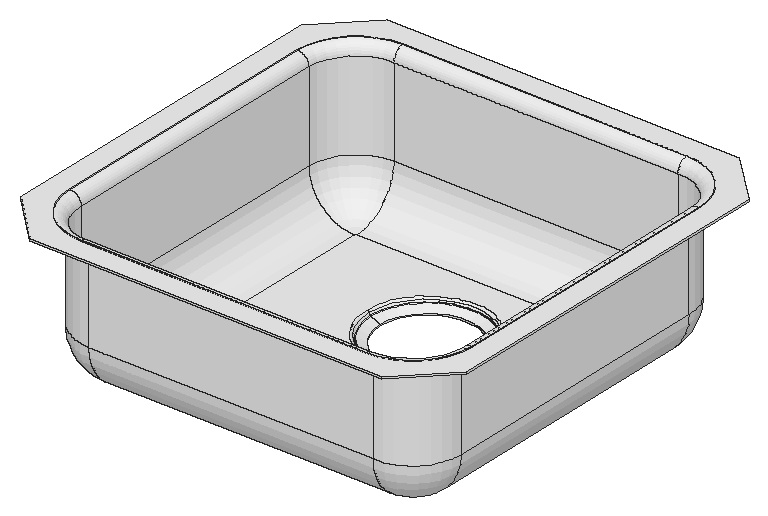
Revit family "ELUHAD141455", category Plumbing Fixtures, Revit 2019
Family settings
  Round Connector Dimension = Use Radius
  Part Type = Normal
  OmniClass Number = 23.45.05.14.14.27
  OmniClass Title = Service Sinks
  Work Plane-Based = No
  Always vertical = Yes
  Cut with Voids When Loaded = No
  Shared = No
  Room Calculation Point = No
Parameters (values of type "ELUHAD141455")
  URL = "www.elkayusa.com"
  Template Included = "Yes"
  Specification Sheet URL = ""
  Sound Deadening = "Bottom only pads"
  Sink Width = 1' - 4 1/2"
  Sink Material = Metal - Steel - Stainless - Chrome
  Sink Length = 1' - 4 1/2"
  Sink Ledge Sides Width = Sink Ledge Corner Width  # 0' - 1 1/4"
  Sink Ledge Front Width = Sink Ledge Corner Width  # 0' - 1 1/4"
  Sink Ledge Corner Width = 0' - 1 1/4"  # constant formula
  Sink Ledge Back Width = Sink Ledge Corner Width  # 0' - 1 1/4"
  Sink Dimensions = "16 1/2 inch x 16-1/2 inch x 5-3/8 inch"
  Sink Depth = 0' - 5 3/8"
  Sanitary Flow Rate = 10 GPM
  OmniClass Title = "Service Sinks"
  OmniClass Code = "23.45.05.14.14.27"
  Number of Bowls = "1"
  Nominal Radius = Nominal Dia / 2  # 0' - 0 3/4"
  Nominal Dia = 0' - 1 1/2"
  Mounting Hardware = "Undermount brackets sold separately"
  Model Number = ""
  Model = "Lustertone Undermount"
  Minimum Cabinet Size = "21 inch"
  Material = "304 Stainless Steel"
  MasterFormat Title = "Commercial Sinks"
  MasterFormat Number = "22.42.16.16"
  Manufacturer = "Elkay Manufacturing"
  Installation Type = "Undermount"
  Gauge = "18"
  Finish = "Lustrous Satin"
  Drain Size = "3-1/2 inch (89mm)"
  Drain Locations = "Rear Center"
  Drain Location = 0' - 5"
  Description = "Lustertone Single Bowl Sink"
  Deep Specification Sheet URL = ""
  Date Created = "10082021"  # constant formula
  Cutout Template # = "1000001265"
  CL Sink to CL Drain = 0' - 0"
  Bowl Width = (Sink Width - Sink Ledge Front Width - Sink Ledge Back Width)  # 1' - 2"
  Bowl Length = Sink Length - Sink Ledge Sides Width - Sink Ledge Sides Width  # 1' - 2"
  Bowl 1 Dimensions = "14 inch x 14 inch x 5-3/8 inch"
  Assembly Code = "D2010410"
Reference planes (in)
  plane 1 "CL Sink Hole": y = 2
  plane 2 "Top": z = 0
  plane 3 "Center (Left/Right)": x = 0
  plane 4 "Basin Edge Left": x = -7
  plane 5 "Basin Edge Right": x = 7
  plane 6 "Basin Edge Back": y = 7
  plane 7 "Basin Edge Front": y = -7
  plane 8 "Left": x = -8.25
  plane 9 "Right": x = 8.25
  plane 10 "Back": y = 8.25
  plane 11 "Front": y = -8.25
  plane 12 "Sink Angle Right": x = 5.78553
  plane 13 "Sink Angle Back": y = 5.78553
  plane 14 "Sink Angle Left": x = -5.78553
  plane 15 "Sink Angle Front": y = -5.78553
  plane 16 "Edge Radii Right": x = 7.42188
  plane 17 "Edge of Radii Left": x = -7.42187
  plane 18 "Sink Bowl Bottom (Top Face)": z = -5.375
  plane 19 "Sink Top Piece Bottom Face": z = -0.0625
  plane 20 "Top Radius Corner Prot": z = -0.42188
  plane 21: z = -3.6875
  plane 22 "Sink Bowl Bottom (Bottom Face)": z = -5.4375
  plane 23 "Left Sink Bottom Piece Left Edge": x = -5.3125
  plane 24 "Sink Bottom Piece Right Edge": x = 5.3125
  plane 25 "Sink Bottom Piece Back Edge": y = 5.3125
  plane 26 "Sink Bottom Piece Front Edge": y = -5.3125
  plane 27 "Center (Front/Back)": y = 0
  plane 28 "Bowl CL Drain": x = 0
  plane 29 "Edge Radii Front": y = -7.42188
  plane 30 "Right Sink Right Edge Radius": x = 5.25
  plane 31 "Front Edge Bottom Edge Radius": y = -5.25
  plane 32 "Back Edge Bottom Edge Radius": y = 5.25
  plane 33 "Edge Radii Back": y = 7.42187
  plane 34 "Left Bowl Bottom Edge Radius": x = -5.25
  plane 35 "Masking Region": z = 1.25157
  plane 36 "Sink Drain Elev Bottom": z = -6.875
  plane 37 "Sink Drain Elev Top": z = -6.625
  plane 38 "Top Radius Elev - 1-8": z = -0.10938
  plane 39 "Top Radius 1-8 Front": y = -7.10938
  plane 40 "Top Radius 1-8 Left": x = -7.10937
  plane 41 "Top Radius 1-8 Right": x = 7.10938
  plane 42 "Top Radius 1-8 Back": y = 7.10937
  plane 43 "Inside Radius Tangent Right": x = 5.97487
  plane 44 "Inside Radius Tangent Back": y = 5.97487
  plane 45 "Inside Radius Tangent Front": y = -5.97487
  plane 46 "Inside Radius Tangent Left": x = -5.97487
Forms (in)
  Extrusion 1, solid, material "Metal - Steel - Stainless - Chrome" <- "Sink Material"
    sketch origin (0, 0, 0) x (1, 0, 0) y (0, 1, 0)
      loop
        line (8.25, 6.49264) -> (6.49264, 8.25) -> (-6.49264, 8.25) -> (-8.25, 6.49264) -> (-8.25, -6.49264) -> (-6.49264, -8.25) -> (6.49264, -8.25) -> (8.25, -6.49264) -> (8.25, 6.49264)
      loop
        arc (-5.25, 7.42187) -> (-6.78575, 6.78575) -> (-7.42187, 5.25) r 2.17187
        line (-7.42187, 5.25) -> (-7.42188, -5.25)
        arc (-7.42188, -5.25) -> (-6.78575, -6.78575) -> (-5.25, -7.42188) r 2.17188
        line (-5.25, -7.42188) -> (5.25, -7.42188)
        arc (5.25, -7.42188) -> (6.78575, -6.78575) -> (7.42188, -5.25) r 2.17188
        line (7.42188, -5.25) -> (7.42188, 5.25)
        arc (7.42188, 5.25) -> (6.78575, 6.78575) -> (5.25, 7.42187) r 2.17188
        line (5.25, 7.42187) -> (-5.25, 7.42187)
    from -0.0625 to 0
  Extrusion 2, solid, material "Metal - Steel - Stainless - Chrome" <- "Sink Material"
    sketch origin (0, 0, 0) x (1, 0, 0) y (0, 1, 0)
      loop
        arc (-5.25, 5.3125) -> (-5.29419, 5.29419) -> (-5.3125, 5.25) r 0.0625
        line (-5.3125, 5.25) -> (-5.3125, -5.25)
        arc (-5.3125, -5.25) -> (-5.29419, -5.29419) -> (-5.25, -5.3125) r 0.0625
        line (-5.25, -5.3125) -> (5.25, -5.3125)
        arc (5.25, -5.3125) -> (5.29419, -5.29419) -> (5.3125, -5.25) r 0.0625
        line (5.3125, -5.25) -> (5.3125, 5.25)
        arc (5.3125, 5.25) -> (5.29419, 5.29419) -> (5.25, 5.3125) r 0.0625
        line (5.25, 5.3125) -> (-5.25, 5.3125)
      loop
        circle (0, 2) r 2.25
    from -5.4375 to -5.375
  Sweep 3, solid, material "Metal - Steel - Stainless - Chrome" <- "Sink Material"
    path origin (14.75, 0, -5.375) x (-1, 0, 0) y (0, -1, 0)
      loop
        circle (14.75, -2) r 2.25
    profile "profile-elkay-sink-hole-3 : profile-elkay-sink-hole-3" origin (0, -0.25, -5.375) x (0, 1, 0) y (0, 0, 1)
      loop
        line (0.5, -0.29111) -> (0.15646, -0.13437)
        arc (0.15646, -0.13437) -> (0.14249, -0.12559) -> (0.13131, -0.11346) r 0.0625
        line (0.13131, -0.11346) -> (0.08817, -0.05226)
        arc (0.08817, -0.05226) -> (0.05064, -0.01507) -> (0, 0) r 0.1086
        line (0, 0) -> (0, -0.04618)
        arc (0, -0.04618) -> (0.02621, -0.05419) -> (0.04646, -0.07265) r 0.0625
        line (0.04646, -0.07265) -> (0.09341, -0.13969)
        arc (0.09341, -0.13969) -> (0.11294, -0.16097) -> (0.13739, -0.17634) r 0.1086
        line (0.13739, -0.17634) -> (0.5, -0.34178) -> (0.5, -0.29111)
  Sweep 4, solid, material "Metal - Steel - Stainless - Chrome" <- "Sink Material"
    path origin (0, 0, 0) x (1, 0, 0) y (0, 1, 0)
      loop
        line (-5.25, -7) -> (5.25, -7)
        arc (5.25, -7) -> (6.48744, -6.48744) -> (7, -5.25) r 1.75
        line (7, -5.25) -> (7, 5.25)
        arc (7, 5.25) -> (6.48744, 6.48744) -> (5.25, 7) r 1.75
        line (5.25, 7) -> (-5.25, 7)
        arc (-5.25, 7) -> (-6.48744, 6.48744) -> (-7, 5.25) r 1.75
        line (-7, 5.25) -> (-7, -5.25)
        arc (-7, -5.25) -> (-6.48744, -6.48744) -> (-5.25, -7) r 1.75
    profile origin (0, -7, 0) x (0, 1, 0) y (0, 0, 1)
      loop
        arc (0, -0.42187) -> (-0.12356, -0.12356) -> (-0.42187, 0) r 0.42188
        line (-0.42187, 0) -> (-0.42187, -0.0625)
        arc (-0.42187, -0.0625) -> (-0.16776, -0.16776) -> (-0.0625, -0.42187) r 0.35938
        line (-0.0625, -0.42187) -> (-0.0625, -3.6875)
        arc (-0.0625, -3.6875) -> (0.45006, -4.92494) -> (1.6875, -5.4375) r 1.75
        line (1.6875, -5.4375) -> (1.6875, -5.375)
        arc (1.6875, -5.375) -> (0.49426, -4.88074) -> (0, -3.6875) r 1.6875
        line (0, -3.6875) -> (0, -0.42187)
  Extrusion 5, solid, material "Glass", not visible
    sketch origin (0, 0, -6.625) x (0, -1, 0) y (1, 0, 0)
      loop
        circle (-2, 0) r 0.75
    from -0.25 to 0
Cuts and joins
  joined: Extrusion 2, Sweep 3, Sweep 4
Lines and regions (in)
  Masking region 1
    outline origin (0, 0, 0) x (1, 0, 0) y (0, 1, 0)
      loop
        line (-7.42187, 5.25) -> (-7.42188, -5.25)
        arc (-7.42188, -5.25) -> (-6.78575, -6.78575) -> (-5.25, -7.42188) r 2.17188
        line (-5.25, -7.42188) -> (5.25, -7.42188)
        arc (5.25, -7.42188) -> (6.78575, -6.78575) -> (7.42188, -5.25) r 2.17188
        line (7.42188, -5.25) -> (7.42188, 5.25)
        arc (7.42188, 5.25) -> (6.78575, 6.78575) -> (5.25, 7.42187) r 2.17188
        line (5.25, 7.42187) -> (-5.25, 7.42187)
        arc (-5.25, 7.42187) -> (-6.78575, 6.78575) -> (-7.42187, 5.25) r 2.17187
  reference lines, not visible
    curve 1: arc (-0.625, 2, -3.6875) -> (-1.11926, 2, -4.88074) -> (-2.3125, 2, -5.375) r 1.6875
    curve 2: arc (-7, 2, -3.6875) -> (-6.50574, 2, -4.88074) -> (-5.3125, 2, -5.375) r 1.6875
    curve 3: arc (-0.625, 2, -0.42188) -> (-0.50144, 2, -0.12356) -> (-0.20313, 2, 0) r 0.42188
    curve 4: arc (0, -5.3125, -5.375) -> (0, -6.50574, -4.88074) -> (0, -7, -3.6875) r 1.6875
    curve 5: arc (0, -7, -0.42188) -> (0, -7.12356, -0.12356) -> (0, -7.42188, 0) r 0.42188
    curve 6: arc (5.3125, 5.25, 0) -> (5.29419, 5.29419, 0) -> (5.25, 5.3125, 0) r 0.0625
    curve 7: arc (5.3125, -5.25, 0) -> (5.29419, -5.29419, 0) -> (5.25, -5.3125, 0) r 0.0625
    curve 8: arc (7, 5.25, 1.25157) -> (6.48744, 6.48744, 1.25157) -> (5.25, 7, 1.25157) r 1.75
    curve 9: arc (7, -5.25, 1.25157) -> (6.48744, -6.48744, 1.25157) -> (5.25, -7, 1.25157) r 1.75
    curve 12: arc (-5.25, -5.3125, 0) -> (-5.29419, -5.29419, 0) -> (-5.3125, -5.25, 0) r 0.0625
    curve 13: arc (-5.25, 5.3125, 0) -> (-5.29419, 5.29419, 0) -> (-5.3125, 5.25, 0) r 0.0625
    curve 16: arc (-6.442, 6.53126, 1.25157) -> (-6.85445, 5.94875, 1.25157) -> (-7, 5.25, 1.25157) r 1.75
    curve 17: arc (-7, -5.25, 1.25157) -> (-6.48744, -6.48744, 1.25157) -> (-5.25, -7, 1.25157) r 1.75
    curve 18: circle (0, 2, -6.875) r 0.75 normal (0, 0, 1)
    curve 20: circle (0, 2, -5.375) r 1.75 normal (0, 0, 1)
    curve 29: arc (-5.25, 8.125, 1.25157) -> (-7.28293, 7.28293, 1.25157) -> (-8.125, 5.25, 1.25157) r 2.875
    curve 30: arc (7.75, 5.25, 1.25157) -> (7.01777, 7.01777, 1.25157) -> (5.25, 7.75, 1.25157) r 2.5
    curve 31: line (-5.97487, 7, 0) -> (-7, 5.97487, 0)
    curve 32: line (5.97487, 7, 0) -> (7, 5.97487, 0)
    curve 33: line (6.09745, 8.64519, 0) -> (8.69376, 6.04888, 0)
    curve 34: line (7, -5.97487, 0) -> (5.97487, -7, 0)
    curve 35: line (8.66329, -6.07936, 0) -> (6.11612, -8.62652, 0)
    curve 36: line (-7, -5.97487, 0) -> (-5.97487, -7, 0)
    curve 37: line (-8.84102, -5.90163, 0) -> (-6.39647, -8.34617, 0)
    curve 38: line (-6.04997, 8.69267, 0) -> (-8.65098, 6.09166, 0)
  reference lines
    curve 10: arc (7.42188, 5.25, 0) -> (6.78575, 6.78575, 0) -> (5.25, 7.42187, 0) r 2.17188
    curve 11: arc (-5.25, -7.42188, 0) -> (-6.78575, -6.78575, 0) -> (-7.42188, -5.25, 0) r 2.17188
    curve 14: arc (-5.25, 7.42187, 0) -> (-6.78575, 6.78575, 0) -> (-7.42187, 5.25, 0) r 2.17187
    curve 15: arc (7.42188, -5.25, 0) -> (6.78575, -6.78575, 0) -> (5.25, -7.42188, 0) r 2.17188
    curve 19: circle (0, 2, -5.375) r 2.25 normal (0, 0, 1)
    curve 21: circle (0, 2, -5.375) r 2.25 normal (0, 0, 1)
    curve 24: arc (0, -7, -0.10938) -> (0, -7.03204, -0.03204) -> (0, -7.10938, 0) r 0.10938
    curve 25: arc (7.10938, 5.25, 0) -> (6.56478, 6.56478, 0) -> (5.25, 7.10937, 0) r 1.85938
    curve 26: arc (-5.25, 7.10937, 0) -> (-6.56478, 6.56478, 0) -> (-7.10937, 5.25, 0) r 1.85938
    curve 27: arc (-5.25, -7.10938, 0) -> (-6.56478, -6.56478, 0) -> (-7.10938, -5.25, 0) r 1.85938
    curve 28: arc (7.10938, -5.25, 0) -> (6.56478, -6.56478, 0) -> (5.25, -7.10938, 0) r 1.85938
  symbolic lines, style "Sinks"
    curve 22: circle (0, 2, -5.375) r 2.25 normal (0, 0, 1)
    curve 23: circle (0, 2, -5.375) r 1.75 normal (0, 0, 1)
    curve 39: line (-5.25, 7, 0) -> (5.25, 7, 0)
    curve 40: line (7, 5.25, 0) -> (7, -5.25, 0)
    curve 41: line (-5.25, -7, 0) -> (5.25, -7, 0)
    curve 42: line (-7, 5.25, 0) -> (-7, -5.25, 0)
    curve 43: arc (7, 5.25, 0) -> (6.48744, 6.48744, 0) -> (5.25, 7, 0) r 1.75
    curve 44: arc (-5.25, 7, 0) -> (-6.48744, 6.48744, 0) -> (-7, 5.25, 0) r 1.75
    curve 45: arc (-7, -5.25, 0) -> (-6.48744, -6.48744, 0) -> (-5.25, -7, 0) r 1.75
    curve 46: arc (7, -5.25, 0) -> (6.48744, -6.48744, 0) -> (5.25, -7, 0) r 1.75
Dimensions and locks (in)
  "Sink Ledge Sides Width": plane 8 "Left" to plane 4 "Basin Edge Left"
  "Sink Ledge Sides Width": plane 5 "Basin Edge Right" to plane 9 "Right"
  "Sink Length": plane 8 "Left" to plane 9 "Right"
  "Drain Location": plane 6 "Basin Edge Back" to plane 1 "CL Sink Hole"
  "Sink Ledge Back Width": plane 10 "Back" to plane 6 "Basin Edge Back"
  "Sink Ledge Front Width": plane 7 "Basin Edge Front" to plane 11 "Front"
  plane 12 "Sink Angle Right" to plane 9 "Right" = 0' - 2.46447"
  plane 10 "Back" to plane 13 "Sink Angle Back" = 0' - 2.46447"
  plane 8 "Left" to plane 14 "Sink Angle Left" = 0' - 2.46447"
  plane 15 "Sink Angle Front" to plane 11 "Front" = 0' - 2.46447"
  "Sink Width": plane 10 "Back" to plane 11 "Front"
  locked: plane 17 "Edge of Radii Left" to plane 4 "Basin Edge Left" at 0.42188
  locked: plane 26 "Sink Bottom Piece Front Edge" to plane 7 "Basin Edge Front" at 1.6875
  locked: plane 4 "Basin Edge Left" to plane 23 "Left Sink Bottom Piece Left Edge" at 1.6875
  locked: plane 24 "Sink Bottom Piece Right Edge" to plane 5 "Basin Edge Right" at 1.6875
  locked: plane 6 "Basin Edge Back" to plane 25 "Sink Bottom Piece Back Edge" at 1.6875
  locked: plane 5 "Basin Edge Right" to plane 16 "Edge Radii Right" at 0.42188
  equal spacing: plane 10 "Back", plane 27 "Center (Front/Back)", plane 11 "Front"
  equal spacing: plane 8 "Left", plane 3 "Center (Left/Right)", plane 9 "Right"
  "CL Sink to CL Drain": plane 3 "Center (Left/Right)" to plane 28 "Bowl CL Drain"
  locked: plane 30 "Right Sink Right Edge Radius" to plane 24 "Sink Bottom Piece Right Edge" at 0.0625
  locked: plane 31 "Front Edge Bottom Edge Radius" to plane 26 "Sink Bottom Piece Front Edge" at 0.0625
  locked: plane 25 "Sink Bottom Piece Back Edge" to plane 32 "Back Edge Bottom Edge Radius" at 0.0625
  locked: plane 33 "Edge Radii Back" to plane 6 "Basin Edge Back" at 0.42188
  locked: plane 7 "Basin Edge Front" to plane 29 "Edge Radii Front" at 0.42187
  locked: plane 23 "Left Sink Bottom Piece Left Edge" to plane 34 "Left Bowl Bottom Edge Radius" at 0.0625
  "Sink Depth": plane 2 "Top" to plane 18 "Sink Bowl Bottom (Top Face)"
  locked: plane 2 "Top" to plane 20 "Top Radius Corner Prot" at 0.42188
  locked: plane 2 "Top" to plane 19 "Sink Top Piece Bottom Face" at 0.0625
  locked: plane 21 to plane 18 "Sink Bowl Bottom (Top Face)" at 1.6875
  locked: plane 18 "Sink Bowl Bottom (Top Face)" to plane 22 "Sink Bowl Bottom (Bottom Face)" at 0.0625
  locked: plane 35 "Masking Region" to plane 2 "Top" at 1.25157
  locked: plane 18 "Sink Bowl Bottom (Top Face)" to plane 36 "Sink Drain Elev Bottom" at 1.5
  locked: plane 37 "Sink Drain Elev Top" to plane 36 "Sink Drain Elev Bottom" at 0.25
  locked: plane 39 "Top Radius 1-8 Front" to plane 7 "Basin Edge Front" at 0.10938
  locked: plane 2 "Top" to plane 38 "Top Radius Elev - 1-8" at 0.10938
  locked: plane 40 "Top Radius 1-8 Left" to plane 4 "Basin Edge Left" at 0.10938
  locked: plane 5 "Basin Edge Right" to plane 41 "Top Radius 1-8 Right" at 0.10938
  locked: plane 42 "Top Radius 1-8 Back" to plane 6 "Basin Edge Back" at 0.10938
  locked: plane 32 "Back Edge Bottom Edge Radius" to plane 44 "Inside Radius Tangent Back" at 0.72487
  locked: plane 30 "Right Sink Right Edge Radius" to plane 43 "Inside Radius Tangent Right" at 0.72487
  locked: plane 45 "Inside Radius Tangent Front" to plane 31 "Front Edge Bottom Edge Radius" at 0.72487
  locked: plane 46 "Inside Radius Tangent Left" to plane 34 "Left Bowl Bottom Edge Radius" at 0.72487
  "Sink Ledge Corner Width": curve 32 to curve 33
  "Sink Ledge Corner Width": curve 34 to curve 35
  "Sink Ledge Corner Width": curve 37 to curve 36
  "Sink Ledge Corner Width": curve 38 to curve 31
  plane 10 "Back" to plane 11 "Front" = 1' - 4 1/2"
  plane 8 "Left" to plane 9 "Right" = 1' - 4 1/2"
  "Nominal Radius": radius of curve 18
  aligned: Extrusion 1 to plane 19 "Sink Top Piece Bottom Face"
  aligned: Extrusion 2 to plane 18 "Sink Bowl Bottom (Top Face)"
  aligned and locked: Extrusion 2 to plane 22 "Sink Bowl Bottom (Bottom Face)"
  aligned and locked: plane 18 "Sink Bowl Bottom (Top Face)" to Extrusion 2
  aligned and locked: Extrusion 2 sketch curve to curve 7
  aligned and locked: Extrusion 2 sketch curve to curve 6
  aligned and locked: Sweep 4 sketch curve to curve 8
  aligned and locked: Sweep 4 sketch curve to curve 9
  aligned and locked: Sweep 4 sketch curve to curve 4
  aligned and locked: Extrusion 1 sketch curve to plane 9 "Right"
  aligned and locked: Extrusion 1 sketch curve to plane 10 "Back"
  aligned and locked: Extrusion 1 sketch curve to plane 8 "Left"
  aligned and locked: Extrusion 1 sketch curve to plane 11 "Front"
  aligned and locked: plane 2 "Top" to Extrusion 1
  aligned and locked: Extrusion 1 to plane 19 "Sink Top Piece Bottom Face"
  aligned and locked: Extrusion 5 sketch curve to curve 18
  aligned and locked: Extrusion 5 to plane 36 "Sink Drain Elev Bottom"
  aligned and locked: plane 37 "Sink Drain Elev Top" to Extrusion 5
  aligned and locked: Sweep 4 sketch curve to curve 16
  aligned and locked: Sweep 4 sketch curve to curve 17
  aligned and locked: Extrusion 2 sketch curve to curve 13
  aligned and locked: Extrusion 2 sketch curve to curve 12
  aligned and locked: Sweep 3 sketch curve to curve 19
  aligned and locked: Extrusion 2 sketch curve to curve 19
  aligned and locked: curve 22 to curve 21
  aligned and locked: curve 23 to curve 20
  aligned and locked: curve 33 to Extrusion 1 sketch curve
  aligned and locked: curve 35 to Extrusion 1 sketch curve
  aligned and locked: curve 37 to Extrusion 1 sketch curve
  aligned and locked: curve 38 to Extrusion 1 sketch curve
  aligned and locked: Masking region 1 sketch curve to curve 10
  aligned and locked: Masking region 1 sketch curve to curve 14
  aligned and locked: Masking region 1 sketch curve to curve 11
  aligned and locked: Masking region 1 sketch curve to curve 15
  aligned and locked: curve 43 to curve 8
  aligned and locked: curve 44 to curve 16
  aligned and locked: curve 45 to curve 17
  aligned and locked: curve 46 to curve 9
  aligned and locked: Sweep 4 sketch curve to curve 5
  aligned and locked: Sweep 4 sketch curve to plane 29 "Edge Radii Front"
  aligned and locked: Extrusion 1 sketch curve to curve 14
  aligned and locked: Extrusion 1 sketch curve to curve 11
  aligned and locked: Extrusion 1 sketch curve to curve 15
  aligned and locked: Extrusion 1 sketch curve to curve 10
Automatic sketch dimensions
  curve 2 to plane 4 "Basin Edge Left" = 0' - 0"
  curve 2 to plane 21 = 0' - 0"
  curve 2 to plane 23 "Left Sink Bottom Piece Left Edge" = 0' - 0"
  curve 1 to plane 18 "Sink Bowl Bottom (Top Face)" = 0' - 0"
  curve 3 to plane 20 "Top Radius Corner Prot" = 0' - 0"
  curve 1 to plane 21 = 0' - 0"
  plane 1 "CL Sink Hole" to curve 18 = 0' - 0"
  curve 18 to plane 28 "Bowl CL Drain" = 0' - 0"
  curve 3 to level = 0' - 0"
  curve 1 to plane 3 "Center (Left/Right)" = 0' - 2 5/16"
  curve 3 to plane 3 "Center (Left/Right)" = 0' - 0 5/8"
  curve 19 to curve 20 = 0' - 0"  (x2)
  curve 19 to curve 21 = 0' - 0"  (x2)
  curve 20 to curve 21 = 0' - 0"  (x2)
  plane 1 "CL Sink Hole" to curve 20 = 0' - 0"
  curve 20 to plane 28 "Bowl CL Drain" = 0' - 0"
  curve 8 to plane 5 "Basin Edge Right" = 0' - 0"
  curve 16 to plane 4 "Basin Edge Left" = 0' - 0"
  curve 17 to plane 4 "Basin Edge Left" = 0' - 0"
  curve 9 to plane 5 "Basin Edge Right" = 0' - 0"
  curve 5 to level = 0' - 0"
  curve 5 to plane 29 "Edge Radii Front" = 0' - 0"
  curve 24 to plane 38 "Top Radius Elev - 1-8" = 0' - 0"
  curve 24 to plane 39 "Top Radius 1-8 Front" = 0' - 0"
  curve 5 to plane 7 "Basin Edge Front" = 0' - 0"
  curve 4 to plane 7 "Basin Edge Front" = 0' - 0"
  curve 24 to plane 7 "Basin Edge Front" = 0' - 0"
  curve 4 to plane 21 = 0' - 0"
  curve 4 to plane 26 "Sink Bottom Piece Front Edge" = 0' - 0"
  Sweep 4 sketch curve to Sweep 4 sketch curve = 0' - 0"  (x2)
  curve 8 to curve 30 = 0' - 0"  (x4)
  plane 5 "Basin Edge Right" to curve 30 = 0' - 0 3/4"
  curve 6 to curve 10 = 0' - 0"  (x2)
  curve 6 to curve 25 = 0' - 0"  (x2)
  curve 7 to curve 15 = 0' - 0"  (x2)
  curve 7 to curve 28 = 0' - 0"  (x2)
  curve 10 to curve 25 = 0' - 0"  (x2)
  curve 11 to curve 12 = 0' - 0"  (x2)
  curve 11 to curve 27 = 0' - 0"  (x2)
  curve 12 to curve 27 = 0' - 0"  (x2)
  curve 13 to curve 14 = 0' - 0"  (x2)
  curve 13 to curve 26 = 0' - 0"  (x2)
  curve 14 to curve 26 = 0' - 0"  (x2)
  curve 15 to curve 28 = 0' - 0"  (x2)
  curve 14 to plane 17 "Edge of Radii Left" = 0' - 0"
  curve 11 to plane 17 "Edge of Radii Left" = 0' - 0"
  plane 32 "Back Edge Bottom Edge Radius" to curve 26 = 0' - 0"
  curve 26 to plane 40 "Top Radius 1-8 Left" = 0' - 0"
  plane 31 "Front Edge Bottom Edge Radius" to curve 27 = 0' - 0"
  curve 27 to plane 40 "Top Radius 1-8 Left" = 0' - 0"
  curve 31 to plane 4 "Basin Edge Left" = 0' - 0"
  curve 36 to plane 4 "Basin Edge Left" = 0' - 0"
  curve 31 to plane 6 "Basin Edge Back" = 0' - 0"
  curve 31 to plane 46 "Inside Radius Tangent Left" = 0' - 0"
  curve 36 to plane 7 "Basin Edge Front" = 0' - 0"
  curve 36 to plane 46 "Inside Radius Tangent Left" = 0' - 0"
  curve 12 to plane 23 "Left Sink Bottom Piece Left Edge" = 0' - 0"
  curve 13 to plane 23 "Left Sink Bottom Piece Left Edge" = 0' - 0"
  curve 13 to plane 34 "Left Bowl Bottom Edge Radius" = 0' - 0"
  curve 12 to plane 26 "Sink Bottom Piece Front Edge" = 0' - 0"
  curve 25 to plane 30 "Right Sink Right Edge Radius" = 0' - 0"
  curve 15 to plane 29 "Edge Radii Front" = 0' - 0"
  curve 15 to plane 30 "Right Sink Right Edge Radius" = 0' - 0"
  curve 7 to plane 24 "Sink Bottom Piece Right Edge" = 0' - 0"
  curve 6 to plane 24 "Sink Bottom Piece Right Edge" = 0' - 0"
  curve 34 to plane 7 "Basin Edge Front" = 0' - 0"
  curve 34 to plane 43 "Inside Radius Tangent Right" = 0' - 0"
  curve 32 to plane 6 "Basin Edge Back" = 0' - 0"
  curve 32 to plane 43 "Inside Radius Tangent Right" = 0' - 0"
  curve 34 to plane 5 "Basin Edge Right" = 0' - 0"
  curve 32 to plane 5 "Basin Edge Right" = 0' - 0"
  plane 32 "Back Edge Bottom Edge Radius" to curve 25 = 0' - 0"
  curve 25 to plane 41 "Top Radius 1-8 Right" = 0' - 0"
  plane 31 "Front Edge Bottom Edge Radius" to curve 28 = 0' - 0"
  curve 28 to plane 41 "Top Radius 1-8 Right" = 0' - 0"
  curve 10 to plane 16 "Edge Radii Right" = 0' - 0"
  plane 45 "Inside Radius Tangent Front" to curve 34 = 0' - 0"
  plane 45 "Inside Radius Tangent Front" to curve 36 = 0' - 0"
  curve 32 to plane 44 "Inside Radius Tangent Back" = 0' - 0"
  curve 31 to plane 44 "Inside Radius Tangent Back" = 0' - 0"
  plane 44 "Inside Radius Tangent Back" to curve 38 = 0' - 0.11679"
  curve 37 to plane 45 "Inside Radius Tangent Front" = 0' - 0.07325"
  curve 37 to plane 11 "Front" = 0' - 0.09617"
  curve 38 to plane 46 "Inside Radius Tangent Left" = 0' - 0.0751"
  curve 33 to plane 43 "Inside Radius Tangent Right" = 0' - 0.12257"
  curve 35 to plane 43 "Inside Radius Tangent Right" = 0' - 0.14124"
  plane 45 "Inside Radius Tangent Front" to curve 35 = 0' - 0.10448"
  plane 44 "Inside Radius Tangent Back" to curve 33 = 0' - 0.074"
  curve 16 to curve 29 = 0' - 0"  (x2)
  plane 32 "Back Edge Bottom Edge Radius" to curve 16 = 0' - 0"
  curve 16 to plane 34 "Left Bowl Bottom Edge Radius" = 0' - 0"
  curve 16 to plane 46 "Inside Radius Tangent Left" = 0' - 0.46713"
  plane 8 "Left" to curve 29 = 0' - 0 1/8"
  plane 31 "Front Edge Bottom Edge Radius" to curve 17 = 0' - 0"
  curve 17 to plane 34 "Left Bowl Bottom Edge Radius" = 0' - 0"
  curve 9 to plane 7 "Basin Edge Front" = 0' - 0"
  curve 9 to plane 30 "Right Sink Right Edge Radius" = 0' - 0"
  curve 8 to plane 6 "Basin Edge Back" = 0' - 0"
  curve 8 to plane 30 "Right Sink Right Edge Radius" = 0' - 0"
  profile plane to Sweep 4 sketch curve = 0' - 0 1/16"
  radius of curve 19 = 0' - 2 1/4"
  radius of curve 20 = 0' - 1 3/4"
  radius of curve 21 = 0' - 2 1/4"
Connectors (in)
  piping at (0, 2, -6.625), diameter 1.5, driven by "Nominal Radius", driven by "Sanitary Flow Rate"
    settings: on Extrusion 5, index 2, connector inside diameter 1 1/2", connector length 0' - 0", flow factor 0, pipe flow 10 GPM, pressure drop 0.00 psi, fitting loss kfactor 0, connector angle 0.00°, fixture units 0, engagement length 0' - 0", angle of deflection 0.00°, flow configuration 1, flow direction 2, fitting loss method 0, system type 16, joint type 0, gender type 0, connector reference index -1, connector utility 0, adjustable connector yes, is connector primary yes, connector description "Sink Drain Right"
